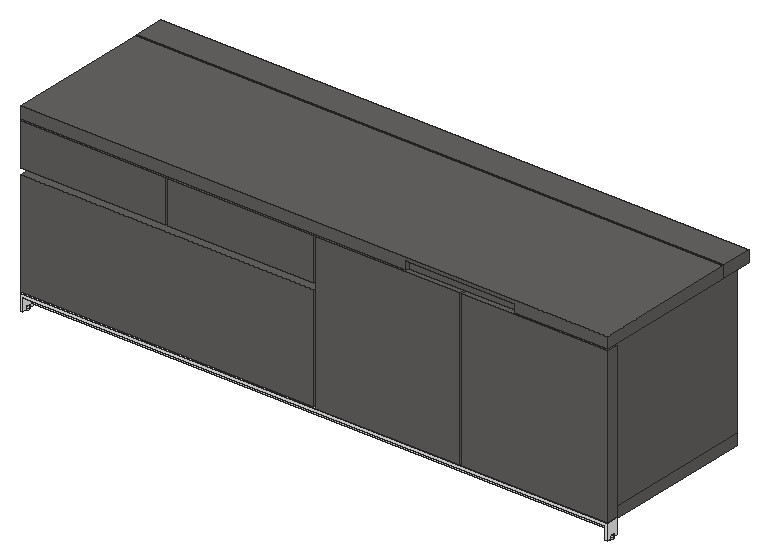
Revit family "Storage-Credenza-Teknion-ZXLF_Low_Box_Over_File-R2011", category Furniture Systems, Revit 2013
Parameters (values of type "(See Type Catalog)")
  Width = 80"
  Warranty = "http://www.teknionstudio.com/pdfs/Teknion%20Studio%20Warranty.pdf"
  Unit Weight = 0.00 lbf
  Unit Finish [instance] = Veneer - Teknion - P7 - Grey Oak
  URL = "www.teknionstudio.com"
  Tabletop Right Length = if(Has Right Door, 40", if(Has Double Right Door, 60", 20"))  # 60"
  Tabletop Left Length = if(Has Left Door, 40", if(Has Double Left Door, 60", 20"))  # 20"
  Tabletop Cutout Offset = if(Has Wire Management, 0", 4")  # 0"
  Single Door Cutout Offset = if(Has Left Door, 0", if(Has Right Door, 0", 4"))  # 4"
  Series = "B&B Italia"
  Right Doors Length = if(Has Right Door, (40" - 1.575"), if(Has Double Right Door, (60" - 1.575"), 18.425"))  # 58.425"
  Product Page URL = "http://www.teknionstudio.com/acexecutive/"
  Product Line = "AC Executive"
  Product Documentation Link = "http://www.teknionstudio.com/pricing/ac_executive_ppg.pdf"
  Part Number = "ZXLF"
  Model = ""
  Manufacturer Phone = "919-464-2920"
  Manufacturer Fax = "919-464-2927"
  Manufacturer Email = "customersupport@teknionstudio.com"
  Manufacturer Address = "3941 US 70 Business HWY West, Clayton, NC 27520"
  Manufacturer = "Teknion Studio"  # constant formula
  Low Emitting Material = yes
  Low Emitting Finish = yes
  Left and Right Reference Planes Offset = if(Has Double Right Door, 0", if(Has Double Left Door, 40", if(Has Right Door, 20", 40")))  # 0"
  Left Doors Length = if(Has Left Door, (40" - 1.575"), if(Has Double Left Door, (60" - 1.575"), 18.425"))  # 18.425"
  Height = 25"  # constant formula
  Has Left Door = no
  Has Double Left Door = no
  Has Right Door = no
  Has Double Right Door = yes
  Has Wire Management = yes
  Drawers Length = 40"  # constant formula
  Double Door Cutout Offset = if(Has Double Left Door, 0", if(Has Double Right Door, 0", 5"))  # 0"
  Description = ""
  Depth = 24"  # constant formula
  Bottom Rigth Length = if(Has Right Door, 40", if(Has Double Right Door, 60", 20"))  # 60"
  Bottom Left Length = if(Has Left Door, 40", if(Has Double Left Door, 60", 20"))  # 20"
  Assembly Code = "E2020200"
Reference planes (in)
  plane 1 "Center F/B": y = 0
  plane 2: z = 0
  plane 3 "Center L/R": x = 0.5
  plane 4 "Left Aux": x = -17.925
  plane 5 "Right Aux": x = 58.925
  plane 6 "Back": y = 12
  plane 7 "Front": y = -12
  plane 8 "Top": z = 25
  plane 9: x = -16.3502
  plane 10: x = 57.3502
  plane 11: z = 2.1289
  plane 12 "Foot Centerline": y = -11.2126
  plane 13 "Elevation": z = 12.79476
  plane 14: z = 23.46063
  plane 15: x = -19.5
  plane 16: x = 20.5
  plane 17: x = -39.5
  plane 18: x = -59.5
  plane 19: x = 40.5
  plane 20: x = 60.5
  plane 21: x = -19.5
  plane 22: x = 60.5
  plane 23: x = -19.5
  plane 24: x = 60.5
  plane 25: x = -19.5
  plane 26: x = 60.5
  plane 27: y = -16
  plane 28: y = -12
  plane 29: z = 25
  plane 30 "Left": x = -19.5
  plane 31 "Right": x = 60.5
  plane 32: x = 20.5
Forms (in)
  Sweep 1, solid, material "Metal - Teknion - C6 - Chrome"
    path origin (0, -12, 0) x (1, 0, 0) y (0, 0, 1)
      loop
        line (60.5, 0.05803) -> (60.5, 2.1289) -> (-19.5, 2.1289) -> (-19.5, 0.05803)
    profile origin (20.5, -12, 2.1289) x (0, 0, -1) y (0, -1, 0)
      loop
        line (0, 0) -> (0, -1.5748) -> (0.394, -1.5748) -> (0.394, 0) -> (0, 0)
  Sweep 2, solid, material "Metal - Teknion - C6 - Chrome"
    path origin (0, -12, 0) x (1, 0, 0) y (0, 0, 1)
      loop
        line (-19.5, 2.1289) -> (60.5, 2.1289)
    profile origin (20.5, -12, 2.1289) x (0, 0, 1) y (0, -1, 0)
      loop
        line (-0.394, -1.5748) -> (-0.394, -1.3778) -> (-1.575, -1.3778) -> (-1.575, -1.5748) -> (-0.394, -1.5748)
  Revolve 3, solid, material "Metal - Teknion - C6 - Chrome"
    sketch origin (0, -11.2126, 0) x (0, 0, -1) y (1, 0, 0)
      loop
        line (-0.4911, 59.9685) -> (-0.45173, 59.92913) -> (-0.28492, 59.92913) -> (-0.24555, 59.9685) -> (-0.20618, 59.92913) -> (-0.03937, 59.92913) -> (0, 59.9685) -> (0, 60.30315) -> (-0.4911, 60.30315) -> (-0.4911, 59.9685)
      axis (0, 60.30315) -> (-0.4911, 60.30315)
    angle from 0 to 360
  Revolve 4, solid, material "Metal - Teknion - C6 - Chrome"
    sketch origin (0, -11.2126, 0) x (0, 0, -1) y (1, 0, 0)
      loop
        line (0, -19.6378) -> (0, -19.30315) -> (-0.4911, -19.30315) -> (-0.4911, -19.6378) -> (-0.45173, -19.67717) -> (-0.28492, -19.67717) -> (-0.24555, -19.6378) -> (-0.20618, -19.67717) -> (-0.03937, -19.67717) -> (0, -19.6378)
      axis (0, -19.30315) -> (-0.4911, -19.30315)
    angle from 0 to 360
  Sweep 5, solid, material "Veneer - Teknion - P7 - Grey Oak" <- "Unit Finish"
    path origin (0, 0, 15.40683) x (-1, 0, 0) y (0, -1, 0)
      loop
        line (-0.5, -12) -> (-0.5, 12)
    profile origin (0.5, 0, 15.40683) x (1, 0, 0) y (0, 0, 1)
      loop
        line (-20, 9.59317) -> (-20, 8.0538) -> (60, 8.0538) -> (60, 9.59317) -> (-20, 9.59317)
  Sweep 6, solid, material "Veneer - Teknion - P7 - Grey Oak" <- "Unit Finish"
    path origin (0, -12, 0) x (1, 0, 0) y (0, 0, 1)
      loop
        line (-17.925, 2.1289) -> (58.925, 2.1289)
    profile origin (20.5, -12, 2.1289) x (0, 0, 1) y (0, -1, 0)
      loop
        line (0, -1.5748) -> (-1.53937, -1.5748) -> (-1.53937, -24) -> (0, -24) -> (0, -1.5748)
  Sweep 7, solid, material "Veneer - Teknion - P7 - Grey Oak" <- "Unit Finish"
    path origin (0, 0, 15.40683) x (-1, 0, 0) y (0, -1, 0)
      loop
        line (17.925, 0) -> (-58.925, 0)
    profile origin (20.5, 0, 15.40683) x (0, 1, 0) y (0, 0, 1)
      loop
        line (7.61024, 7.6597) -> (7.61024, 8.0538) -> (-10.32283, 8.0538) -> (-10.32283, -13.27793) -> (12, -13.27793) -> (12, 7.6597) -> (7.61024, 7.6597)
  Sweep 8, solid, material "Veneer - Teknion - P7 - Grey Oak" <- "Unit Finish", visible <- "Has Left Door"
    path origin (0, -12, 0) x (1, 0, 0) y (0, 0, 1)
      loop
        line (0.5, 23.21063) -> (0.5, 2.3789)
    profile origin (0.5, -12, 12.79476) x (0, -1, 0) y (1, 0, 0)
      loop
        line (-1.5394, -20.25) -> (-1.5394, -40) -> (0, -40) -> (0, -20.25) -> (-1.5394, -20.25)
  Sweep 9, solid, material "Veneer - Teknion - P7 - Grey Oak" <- "Unit Finish", visible <- "Has Right Door"
    path origin (0, -12, 0) x (-1, 0, 0) y (0, 0, 1)
      loop
        line (-0.5, 23.21063) -> (-0.5, 2.2539)
    profile origin (0.5, -12, 12.73226) x (0, -1, 0) y (1, 0, 0)
      loop
        line (-1.5394, 20.25) -> (0, 20.25) -> (0, 40) -> (-1.5394, 40) -> (-1.5394, 20.25)
  Sweep 10, solid, material "Veneer - Teknion - P7 - Grey Oak" <- "Unit Finish", visible <- "Has Double Left Door"
    path origin (-80, -12, 0) x (-1, 0, 0) y (0, 0, 1)
      loop
        line (-80.5, 23.21063) -> (-80.5, 2.3789)
    profile origin (0.5, -12, 12.79476) x (0, -1, 0) y (1, 0, 0)
      loop
        line (-1.5394, -20.25) -> (-1.5394, -39.875) -> (0, -39.875) -> (0, -20.25) -> (-1.5394, -20.25)
      loop
        line (-1.5394, -60) -> (0, -60) -> (0, -40.125) -> (-1.5394, -40.125) -> (-1.5394, -60)
  Sweep 11, solid, material "Veneer - Teknion - P7 - Grey Oak" <- "Unit Finish", visible <- "Has Double Right Door"
    path origin (80, -12, 0) x (1, 0, 0) y (0, 0, 1)
      loop
        line (-79.5, 23.21063) -> (-79.5, 2.2539)
    profile origin (0.5, -12, 12.73226) x (0, -1, 0) y (1, 0, 0)
      loop
        line (-1.5394, 20.25) -> (0, 20.25) -> (0, 39.875) -> (-1.5394, 39.875) -> (-1.5394, 20.25)
      loop
        line (-1.5394, 60) -> (-1.5394, 40.125) -> (0, 40.125) -> (0, 60) -> (-1.5394, 60)
  Sweep 12, void
    path origin (0.5, 0, 0) x (0, 1, 0) y (0, 0, 1)
      loop
        line (-16, 23.46063) -> (-15.5276, 23.46063)
    profile origin (0.5, -15.7638, 23.46063) x (0, 0, 1) y (1, 0, 0)
      loop
        line (0, -27.556) -> (1.1, -27.556) -> (1.1, -20.118) -> (0, -20.118) -> (0, -27.556)
      loop
        line (0, 27.556) -> (0, 20.118) -> (1.1, 20.118) -> (1.1, 27.556) -> (0, 27.556)
  Sweep 13, void
    path origin (0.5, -9, 0) x (0, 1, 0) y (0, 0, 1)
      loop
        line (-3, 23.46063) -> (-2.5276, 23.46063)
    profile origin (0.5, -11.7638, 23.46063) x (0, 0, 1) y (1, 0, 0)
      loop
        line (0, -47.438) -> (1.1, -47.438) -> (1.1, -32.562) -> (0, -32.562) -> (0, -47.438)
      loop
        line (0, 47.438) -> (0, 32.562) -> (1.1, 32.562) -> (1.1, 47.438) -> (0, 47.438)
  Sweep 14, void
    path origin (0, 12, 0) x (-1, 0, 0) y (0, 0, 1)
      loop
        line (59.5, 25) -> (-60.5, 25)
    profile origin (0.5, 12, 25) x (0, 0, -1) y (0, 1, 0)
      loop
        line (1.53937, -4.38976) -> (1.53937, -4.13976) -> (0, -4.13976) -> (0, -4.38976) -> (1.53937, -4.38976)
  Sweep 15, solid, material "Veneer - Teknion - P7 - Grey Oak" <- "Unit Finish"
    path origin (0.5, 0, 0) x (0, 1, 0) y (0, 0, 1)
      loop
        line (-12, 12.79476) -> (-10.4606, 12.79476)
    profile origin (0.5, -11.2303, 12.79476) x (0, 0, 1) y (1, 0, 0)
      loop
        line (3.8794, -20) -> (3.8794, 20) -> (-10.41587, 20) -> (-10.41587, -20) -> (3.8794, -20)
      loop
        line (4.6668, -20) -> (10.41587, -20) -> (10.41587, -0.125) -> (4.6668, -0.125) -> (4.6668, -20)
      loop
        line (10.41587, 0.125) -> (10.41587, 20) -> (4.6668, 20) -> (4.6668, 0.125) -> (10.41587, 0.125)
Cuts and joins
  joined: Sweep 1, Sweep 2, Revolve 3, Revolve 4
  Sweep 12, Sweep 13, Sweep 14 cuts Sweep 5
Lines and regions (in)
  Masking region 1
    outline origin (0, 0, 25) x (-1, 0, 0) y (0, -1, 0)
      loop
        line (19.5, -12) -> (19.5, 12) -> (-60.5, 12) -> (-60.5, -12) -> (19.5, -12)
  symbolic lines, visible <- "Has Wire Management"
    curve 1: line (-19.5, 7.61024, 15.40683) -> (60.5, 7.61024, 15.40683)
  symbolic lines, style "Elevation Swing", visible <- "Has Right Door"
    curve 2: line (20.75, -12, 23.38063) -> (40.5, -12, 12.79476)
    curve 3: line (40.5, -12, 12.79476) -> (20.618, -12, 2.2539)
  symbolic lines, style "Elevation Swing", visible <- "Has Double Right Door"
    curve 4: line (40.375, -12, 23.41899) -> (20.75, -12, 12.79476)
    curve 5: line (40.49982, -12, 2.17053) -> (20.75, -12, 12.79476)
    curve 6: line (40.49982, -12, 2.17053) -> (60.5, -12, 12.79476)
    curve 7: line (40.375, -12, 23.41899) -> (60.5, -12, 12.79476)
  symbolic lines, style "FurnitureSystems", visible <- "Has Left Door"
    curve 8: line (-39.5, -12, 15.40683) -> (-39.5, -32, 15.40683)
  symbolic lines, visible <- "Has Left Door"
    curve 9: arc (-39.5, -32, 15.40683) -> (-25.35786, -26.14214, 15.40683) -> (-19.5, -12, 15.40683) r 20
  symbolic lines, visible <- "Has Double Left Door"
    curve 10: line (-19.5, -12, 15.40683) -> (-19.5, -32, 15.40683)
    curve 11: arc (-19.5, -32, 15.40683) -> (-33.64214, -26.14214, 15.40683) -> (-39.5, -12, 15.40683) r 20
    curve 12: line (-59.5, -12, 15.40683) -> (-59.5, -32, 15.40683)
    curve 13: arc (-59.5, -32, 15.40683) -> (-45.35786, -26.14214, 15.40683) -> (-39.5, -12, 15.40683) r 20
  symbolic lines, style "FurnitureSystems", visible <- "Has Right Door"
    curve 14: line (40.5, -12, 15.40683) -> (40.5, -32, 15.40683)
  symbolic lines, visible <- "Has Right Door"
    curve 15: arc (40.5, -32, 15.40683) -> (26.35786, -26.14214, 15.40683) -> (20.5, -12, 15.40683) r 20
  symbolic lines, visible <- "Has Double Right Door"
    curve 16: line (20.5, -12, 15.40683) -> (20.5, -32, 15.40683)
    curve 17: arc (20.5, -32, 15.40683) -> (34.64214, -26.14214, 15.40683) -> (40.5, -12, 15.40683) r 20
    curve 18: line (60.5, -12, 15.40683) -> (60.5, -32, 15.40683)
    curve 19: arc (60.5, -32, 15.40683) -> (46.35786, -26.14214, 15.40683) -> (40.5, -12, 15.40683) r 20
  symbolic lines, style "Elevation Swing", visible <- "Has Left Door"
    curve 20: line (-19.75, -12, 23.21063) -> (-39.5, -12, 12.79476)
    curve 21: line (-39.5, -12, 12.79476) -> (-19.75, -12, 2.3789)
  symbolic lines, style "Elevation Swing", visible <- "Has Double Left Door"
    curve 22: line (-39.625, -12, 23.21063) -> (-59.5, -12, 12.79476)
    curve 23: line (-59.5, -12, 12.79476) -> (-39.625, -12, 2.3789)
    curve 24: line (-39.375, -12, 23.21063) -> (-19.75, -12, 12.79476)
    curve 25: line (-19.75, -12, 12.79476) -> (-39.375, -12, 2.3789)
Dimensions and locks (in)
  equal spacing: plane 6 "Back", plane 1 "Center F/B", plane 7 "Front"
  "Depth": plane 6 "Back" to plane 7 "Front"
  locked: plane 4 "Left Aux" to plane 9 at 1.5748
  locked: plane 10 to plane 5 "Right Aux" at 1.5748
  "Height": plane 8 "Top" to plane 2
  locked: Sweep 1 sketch curve to level at 0.05803  (x2)
  locked: plane 7 "Front" to Sweep 1 sketch curve at 1.5748
  locked: plane 11 to plane 2 at 2.1289
  locked: plane 11 to Sweep 1 sketch curve at 0.394
  plane 11 to Sweep 2 sketch curve to Sweep 2 sketch curve = 0.394" locked, 1.181" locked
  plane 7 "Front" to Sweep 2 sketch curve to Sweep 2 sketch curve = 1.3778" locked, 0.197" locked
  locked: plane 8 "Top" to Sweep 5 sketch curve at 1.53937
  locked: plane 11 to Sweep 6 sketch curve at 1.53937
  locked: plane 7 "Front" to Sweep 6 sketch curve at 1.5748
  locked: plane 8 "Top" to Sweep 7 sketch curve at 1.53937
  locked: plane 8 "Top" to Sweep 7 sketch curve at 1.93347
  locked: Sweep 7 sketch curve to plane 7 "Front" at 1.67717
  locked: plane 8 "Top" to plane 14 at 1.53937
  equal spacing: plane 14, plane 13 "Elevation", plane 11
  equal spacing: plane 15, plane 3 "Center L/R", plane 16
  "Drawers Length": plane 15 to plane 16
  "Left Doors Length": plane 4 "Left Aux" to plane 3 "Center L/R"
  "Right Doors Length": plane 3 "Center L/R" to plane 5 "Right Aux"
  equal spacing: plane 18, plane 17, plane 15
  locked: plane 17 to plane 15 at 20
  locked: plane 17 to Sweep 8 sketch curve at 0
  locked: Sweep 8 sketch curve to plane 15 at 0.25
  locked: Sweep 8 sketch curve to plane 7 "Front" at 1.5394
  locked: plane 14 to Sweep 10 sketch curve at 0.25
  locked: Sweep 10 sketch curve to plane 11 at 0.25
  locked: Sweep 10 sketch curve to plane 15 at 0.25
  locked: plane 7 "Front" to Sweep 10 sketch curve at 1.5394
  locked: Sweep 10 sketch curve to plane 7 "Front" at 1.5394
  locked: Sweep 8 sketch curve to plane 11 at 0.25
  locked: plane 14 to Sweep 8 sketch curve at 0.25
  equal spacing: plane 16, plane 19, plane 20
  plane 16 to plane 19 = 20"
  locked: plane 14 to Sweep 9 sketch curve at 0.25
  locked: Sweep 9 sketch curve to plane 11 at 0.125
  locked: Sweep 9 sketch curve to plane 19
  locked: plane 16 to Sweep 9 sketch curve at 0.25
  locked: plane 7 "Front" to Sweep 9 sketch curve at 1.5394
  locked: plane 14 to Sweep 11 sketch curve at 0.25
  locked: Sweep 11 sketch curve to plane 11 at 0.125
  locked: plane 16 to Sweep 11 sketch curve at 0.25
  locked: plane 7 "Front" to Sweep 11 sketch curve at 1.5394
  locked: Sweep 11 sketch curve to plane 7 "Front" at 1.5394
  "Tabletop Left Length": plane 3 "Center L/R" to plane 21
  "Tabletop Right Length": plane 22 to plane 3 "Center L/R"
  "Bottom Left Length": plane 3 "Center L/R" to plane 23
  "Bottom Rigth Length": plane 3 "Center L/R" to plane 24
  "Bottom Left Length": plane 3 "Center L/R" to plane 25
  "Bottom Rigth Length": plane 26 to plane 3 "Center L/R"
  locked: plane 7 "Front" to plane 12 "Foot Centerline" at 0.7874
  locked: plane 4 "Left Aux" to Revolve 4 sketch curve at 1.37815
  locked: Revolve 4 sketch curve to Revolve 4 sketch curve at 0.37402
  Revolve 4 sketch curve to Revolve 4 sketch curve to Revolve 4 sketch curve to plane 2 = 0.07874" locked, 0.16681" locked, 0.03937" locked
  Revolve 4 sketch curve to Revolve 4 sketch curve to Revolve 4 sketch curve to Revolve 4 sketch curve = 0.03937" locked, 0.16681" locked, 0.03937" locked
  locked: Revolve 3 sketch curve to plane 5 "Right Aux" at 1.37815
  locked: Revolve 3 sketch curve to Revolve 3 sketch curve at 0.37402
  Revolve 3 sketch curve to Revolve 3 sketch curve to Revolve 3 sketch curve to Revolve 3 sketch curve to plane 2 = 0.03937" locked, 0.16681" locked, 0.07874" locked, 0.20618" locked
  "Single Door Cutout Offset": plane 7 "Front" to plane 27
  locked: Sweep 12 sketch curve to plane 27 at 0.4724
  locked: Sweep 12 sketch curve to plane 14 at 1.1  (x2)
  Sweep 12 sketch curve to Sweep 12 sketch curve to plane 15 = 7.438" locked, 0.118" locked
  plane 16 to Sweep 12 sketch curve to Sweep 12 sketch curve = 0.118" locked, 7.438" locked
  locked: Sweep 13 sketch curve to plane 28 at 0.4724
  Sweep 13 sketch curve to plane 17 to Sweep 13 sketch curve = 7.438" locked, 7.438" locked
  locked: Sweep 13 sketch curve to plane 14 at 1.1  (x2)
  Sweep 13 sketch curve to plane 19 to Sweep 13 sketch curve = 7.438" locked, 7.438" locked
  "Double Door Cutout Offset": plane 7 "Front" to plane 28
  "Tabletop Cutout Offset": plane 29 to plane 8 "Top"
  locked: Sweep 14 sketch curve to Sweep 14 sketch curve at 0.25
  locked: plane 29 to Sweep 14 sketch curve at 1.53937
  locked: plane 6 "Back" to Sweep 14 sketch curve at 4.13976
  equal spacing: plane 30 "Left", plane 32, plane 31 "Right"
  "Width": plane 30 "Left" to plane 31 "Right"
  "Left and Right Reference Planes Offset": plane 31 "Right" to plane 20
  Sweep 10 sketch curve to plane 17 to Sweep 10 sketch curve = 1/8" locked, 1/8" locked
  Sweep 11 sketch curve to plane 19 to Sweep 11 sketch curve = 1/8" locked, 1/8" locked
  locked: plane 7 "Front" to Sweep 15 sketch curve at 1.5394
  locked: Sweep 15 sketch curve to plane 2 at 2.3789
  locked: Sweep 15 sketch curve to Sweep 15 sketch curve at 0.7874  (x2)
  locked: plane 14 to Sweep 15 sketch curve at 0.25  (x2)
  locked: plane 3 "Center L/R" to Sweep 15 sketch curve at 0.125
  locked: Sweep 15 sketch curve to plane 3 "Center L/R" at 0.125
  locked: Sweep 15 sketch curve to Sweep 15 sketch curve at 14.29527
  aligned and locked: level to plane 2
  aligned and locked: Sweep 1 sketch curve to plane 7 "Front"
  aligned and locked: plane 11 to Sweep 1 sketch curve
  aligned and locked: Sweep 1 sketch curve to plane 11
  aligned and locked: Sweep 2 sketch curve to plane 11
  aligned and locked: plane 6 "Back" to Sweep 5 sketch curve
  aligned and locked: plane 7 "Front" to Sweep 5 sketch curve
  aligned and locked: Sweep 5 sketch curve to plane 3 "Center L/R"
  aligned and locked: Sweep 5 sketch curve to plane 8 "Top"
  aligned and locked: Sweep 6 sketch curve to plane 11  (x2)
  aligned and locked: Sweep 6 sketch curve to plane 6 "Back"
  aligned and locked: plane 1 "Center F/B" to Sweep 7 sketch curve
  aligned and locked: plane 6 "Back" to Sweep 7 sketch curve
  aligned and locked: plane 11 to Sweep 7 sketch curve
  aligned and locked: plane 4 "Left Aux" to Sweep 7 sketch curve
  aligned and locked: plane 5 "Right Aux" to Sweep 7 sketch curve
  aligned and locked: Sweep 8 sketch curve to plane 3 "Center L/R"
  aligned and locked: plane 7 "Front" to Sweep 8 sketch curve
  aligned and locked: Sweep 10 sketch curve to plane 3 "Center L/R"
  aligned and locked: Sweep 10 sketch curve to plane 7 "Front"
  aligned and locked: plane 7 "Front" to Sweep 10 sketch curve
  aligned and locked: plane 18 to Sweep 10 sketch curve
  aligned and locked: Sweep 9 sketch curve to plane 3 "Center L/R"
  aligned and locked: Sweep 9 sketch curve to plane 7 "Front"
  aligned and locked: Sweep 11 sketch curve to plane 3 "Center L/R"
  aligned and locked: Sweep 11 sketch curve to plane 7 "Front"
  aligned and locked: Sweep 11 sketch curve to plane 20
  aligned and locked: plane 7 "Front" to Sweep 11 sketch curve
  aligned and locked: plane 21 to Sweep 5 sketch curve
  aligned and locked: Sweep 5 sketch curve to plane 22
  aligned and locked: plane 4 "Left Aux" to Sweep 6 sketch curve
  aligned and locked: plane 5 "Right Aux" to Sweep 6 sketch curve
  aligned and locked: Sweep 1 sketch curve to plane 23
  aligned and locked: plane 24 to Sweep 1 sketch curve
  aligned and locked: plane 25 to Sweep 2 sketch curve
  aligned and locked: plane 26 to Sweep 2 sketch curve
  aligned and locked: Revolve 3 sketch curve to Revolve 3 sketch curve  (x2)
  aligned and locked: Revolve 3 sketch curve to plane 2
  aligned and locked: Revolve 4 sketch curve to Revolve 4 sketch curve  (x2)
  aligned and locked: Revolve 4 sketch curve to plane 2
  aligned and locked: plane 27 to Sweep 12 sketch curve
  aligned and locked: plane 14 to Sweep 12 sketch curve  (x2)
  aligned and locked: Sweep 12 sketch curve to plane 14
  aligned and locked: plane 14 to Sweep 13 sketch curve  (x2)
  aligned and locked: Sweep 13 sketch curve to plane 14
  aligned and locked: plane 28 to Sweep 13
  aligned and locked: plane 28 to Sweep 13 sketch curve
  aligned and locked: Sweep 14 sketch curve to plane 29  (x2)
  aligned and locked: plane 18 to Sweep 14 sketch curve
  aligned and locked: plane 20 to Sweep 14 sketch curve
  aligned and locked: Masking region 1 sketch curve to plane 6 "Back"
  aligned and locked: cut or joined group of Sweep 5, Sweep 12, Sweep 13, Sweep 14 to curve 1
  aligned and locked: Masking region 1 sketch curve to cut or joined group of Sweep 5, Sweep 12, Sweep 13, Sweep 14  (x2)
  aligned and locked: Masking region 1 sketch curve to plane 7 "Front"
  aligned and locked: Masking region 1 to curve 1  (x2)
  aligned and locked: curve 2 to Sweep 9
  aligned and locked: Sweep 9 to curve 3
  aligned and locked: plane 13 "Elevation" to curve 3
  aligned and locked: curve 3 to Sweep 9
  aligned and locked: Sweep 11 to curve 5
  aligned and locked: plane 13 "Elevation" to curve 5
  aligned and locked: Sweep 11 to curve 4
  aligned and locked: Sweep 11 to curve 6
  aligned and locked: curve 8 to plane 17
  aligned and locked: plane 17 to curve 9
  aligned and locked: curve 12 to plane 18
  aligned and locked: curve 10 to plane 15
  aligned and locked: curve 11 to plane 15
  aligned and locked: plane 7 "Front" to curve 9
  aligned and locked: plane 7 "Front" to curve 8
  aligned and locked: plane 7 "Front" to curve 13
  aligned and locked: plane 7 "Front" to curve 11
  aligned and locked: plane 19 to curve 14
  aligned and locked: plane 7 "Front" to curve 15
  aligned and locked: plane 7 "Front" to curve 14
  aligned and locked: plane 20 to curve 18
  aligned and locked: plane 16 to curve 16
  aligned and locked: plane 7 "Front" to curve 18
  aligned and locked: plane 7 "Front" to curve 19
  aligned and locked: plane 7 "Front" to curve 16
  aligned and locked: plane 19 to curve 19
  aligned and locked: plane 7 "Front" to curve 17
  aligned and locked: plane 19 to curve 17
  aligned and locked: curve 21 to Sweep 8
  aligned and locked: plane 13 "Elevation" to curve 21
  aligned and locked: Sweep 8 to curve 20  (x2)
  aligned and locked: Sweep 10 to curve 22
  aligned and locked: plane 13 "Elevation" to curve 23
  aligned and locked: curve 23 to Sweep 10
  aligned and locked: Sweep 10 to curve 25
  aligned and locked: plane 13 "Elevation" to curve 25
  aligned and locked: curve 24 to Sweep 10
  aligned and locked: Sweep 15 sketch curve to plane 13 "Elevation"
  aligned and locked: plane 7 "Front" to Sweep 15 sketch curve
  aligned and locked: plane 16 to Sweep 15 sketch curve  (x2)
  aligned and locked: Sweep 15 sketch curve to plane 15
  aligned and locked: plane 15 to Sweep 15 sketch curve
  aligned and locked: plane 18 to curve 23
Automatic sketch dimensions
  Revolve 3 sketch curve to Revolve 3 sketch curve = 0.15736"
  Revolve 3 sketch curve to Revolve 3 sketch curve = 0.03937"  (x3)
  level to Revolve 3 sketch curve = 0.03937"
  Revolve 3 sketch curve to level = 0.10154"
  Revolve 4 sketch curve to Revolve 4 sketch curve = 0.2589"
  Revolve 4 sketch curve to level = 0.42419"
  Revolve 4 sketch curve to Revolve 4 sketch curve = 0.03937"  (x2)
  Sweep 7 sketch curve to Sweep 7 sketch curve = 4.38976"
  curve 15 to plane 16 = 0"
  plane 7 "Front" to curve 10 = 0"
  plane 7 "Front" to curve 12 = 0"
  curve 21 to plane 17 = 0"
  curve 6 to plane 13 "Elevation" = 0"
  curve 25 to plane 15 = 1/4"
  curve 3 to plane 16 = 0.118"
  plane 19 to curve 5 = 0.00018"
  plane 11 to curve 5 = 0.04164"
  plane 11 to curve 23 = 1/4"
  plane 11 to curve 21 = 1/4"
  plane 11 to curve 25 = 1/4"
  curve 22 to plane 14 = 1/4"
  curve 24 to curve 22 = 0"
  curve 2 to plane 14 = 0.08"
  curve 4 to plane 14 = 0.04164"
